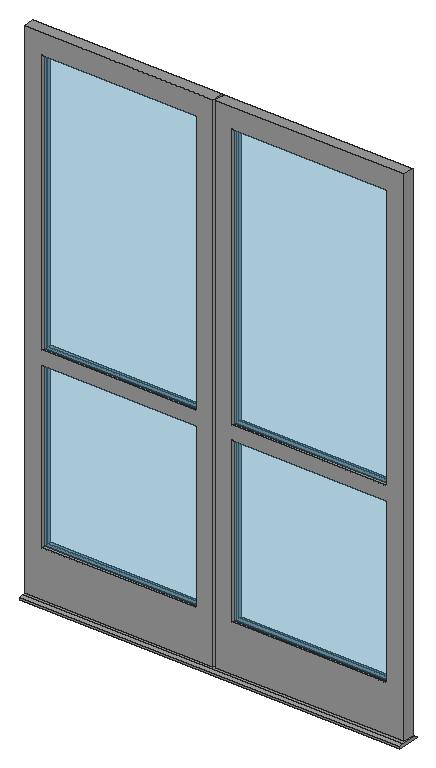
Revit family "RD-NS-DOOR-Double-1-SF_v04", category Curtain Panels, Revit 2015
Parameters
  Width [instance] = 6' - 2"
  URL = "obe.com"
  Rough Width [instance] = 6' - 0"
  Offset [instance] = 0' - 0"
  Model = "RD-NS 1\" Infill"
  Min Panel Width [instance] = if(Rough Width > 5' 11 255/256", Rough Width, 6' 0")  # 6' - 0"
  Mid-Panel [instance] = no
  Manufacturer = "Oldcastle BuildingEnvelope®"
  Keynote = "08 11 00"
  Hinge [instance] = yes
  Height [instance] = 8' - 0"
  Pushbar Height [instance] = 3' - 5 1/4"  # constant formula
  Glass Material = Glass
  Frame Material = Aluminum
  Door Panel Height [instance] = Height + 0' 0 21/32"  # 8' - 0 21/32"
  Description = "Rugged Door-Narrow Stile 1\" Infill"
  Assembly Code = "B2030"
  Analytic Construction = "<None>"
  8 Muntin [instance] = no
  4 Muntin [instance] = no
  8 Bottom Rail [instance] = yes
  1 Muntin [instance] = if(or([4 Muntin], [8 Muntin], [Mid-Panel]), 1 = 2, 1 = 1)  # yes
Reference planes (in)
  plane 1 "Front": y = 0
  plane 2: z = 0
  plane 3 "Center (Left/Right)": x = 0
  plane 4 "Left": x = -37
  plane 5 "Right": x = 37
  plane 6 "Top": z = 96
  plane 7: x = -36
  plane 8: x = 36
Text (in)
  text "Exterior" at (-54.29358, 31.38743, 0), in view "Ref. Level"
  text "Exterior" at (480, 41.53993, 89.60405), in view "Right"
  text "Exterior" at (-240, 57.82419, 105.78864), in view "Left"
Dimensions and locks (in)
  equal spacing: plane 4 "Left", plane 3 "Center (Left/Right)", plane 5 "Right"
  "Width": plane 4 "Left" to plane 5 "Right"
  "Height": plane 6 "Top" to plane 2
  equal spacing: plane 7, plane 3 "Center (Left/Right)", plane 8
  "Min Panel Width": plane 7 to plane 8
  aligned and locked: level to plane 2
  aligned and locked: plane 3 "Center (Left/Right)" to nested 1
  aligned and locked: plane 1 "Front" to nested 1
Nested families (in)
  nested 1: "RD-NS-DOOR-Double-1-Panel_v03" at (0, -14, 0), Frame Material <- "Frame Material", Glass Material <- "Glass Material", 4 Muntin <- "4 Muntin", 8 Muntin <- "8 Muntin", Glass Top <- "Pushbar Height", Hinge <- "Hinge", 8 Bottom Rail <- "8 Bottom Rail", Width <- "Min Panel Width", Height <- "Door Panel Height", Mid-Panel <- "Mid-Panel", Offset <- "Offset", type "RD-NS-DOOR-Double-1-Panel_v03"
    with Wing Width 3' - 0", built-in parameter 1001301 6' - 0", Pushbar Height 3' - 5 1/4", Offset 0' - 0", Mid-Panel no, Hinge yes, built-in parameter 1001300 8' - 0 21/32", Glass at Muntin 0' - 1 9/16", Glass Top 3' - 5 1/4", Glass Material Glass, Frame Material Aluminum, Bottom Rail 0' - 8 29/32", 8 Muntin no, 8 Bottom Rail yes, 4 Muntin no, 10 Bottom Rail no, 1 Muntin yes
Definition of nested family "RD-NS-DOOR-Double-1-Panel_v03"
  Parameters (values of type "RD-NS-DOOR-Double-1-Panel_v03")
    Wing Width [instance] = Width / 2  # 3' - 0"
    Width [instance] = 6' - 0"
    Pushbar Height [instance] = 3' - 5 1/4"  # constant formula
    Offset [instance] = 0' - 1"
    Mid-Panel [instance] = no
    Hinge [instance] = yes
    Height [instance] = 7' - 0"
    Glass at Muntin [instance] = if([8 Muntin], 0' 8 9/16", if([4 Muntin], 0' 4 9/16", if([Mid-Panel], 0' 8 9/16", 0' 1 9/16")))  # 0' - 1 9/16"
    Glass Top [instance] = 1' - 0"
    Glass Material [instance] = none
    Frame Material [instance] = none
    Bottom Rail [instance] = if([10 Bottom Rail], 0' 10 29/32", 0' 8 29/32")  # 0' - 8 29/32"
    8 Muntin [instance] = no
    10 Bottom Rail [instance] = not([8 Bottom Rail])  # no
    4 Muntin [instance] = no
    8 Bottom Rail [instance] = yes
    1 Muntin [instance] = if(or([4 Muntin], [8 Muntin], [Mid-Panel]), 1 = 2, 1 = 1)  # yes
  Reference planes (in)
    plane 1 "00": y = 11.87759
    plane 2: z = 0
    plane 3 "Center (Left/Right)": x = 0
    plane 4: z = 84
    plane 5: x = -36
    plane 6: x = 36
    plane 7 "Center (Front/Back)": y = 14
    plane 8 "Exterior": y = 12.37759
    plane 9: z = 42
    plane 10: z = 8.90625
    plane 11: z = 42.03125
    plane 12: z = 40.46875
    plane 13: z = 79.99987
    plane 14: z = 0
    plane 15 "Offset": y = 13
    plane 16: z = 41.25
  Forms (in)
    Sweep 1, solid, material <- "Frame Material"
      path origin (0, 11.87759, 0) x (1, 0, 0) y (0, 0, 1)
        loop
          line (-35.50502, 84) -> (-0.27391, 84)
      profile origin (-17.88947, 11.87759, 84) x (0, 0, 1) y (0, -1, 0)
        loop
          line (-0.65625, -1.008) -> (-0.65625, 1.008) -> (-2.77731, 1.008) -> (-4.40625, 1.008) -> (-4.40625, 0.5) -> (-4.00013, 0.5) -> (-4.00013, -0.5) -> (-4.40625, -0.5) -> (-4.40625, -1.008) -> (-2.77731, -1.008) -> (-0.65625, -1.008)
    Sweep 2, solid, material <- "Frame Material"
      path origin (0, 11.87759, 0) x (1, 0, 0) y (0, 0, 1)
        loop
          line (-0.27391, 0) -> (-35.50502, 0)
      profile origin (-17.88947, 11.87759, 0) x (0, 0, -1) y (0, -1, 0)
        loop
          line (-4.68343, -1.008) -> (-0.6875, -1.008) -> (-0.6875, 1.008) -> (-4.68343, 1.008) -> (-9.4375, 1.008) -> (-9.4375, 0.5) -> (-8.90625, 0.5) -> (-8.90625, -0.5) -> (-9.4375, -0.5) -> (-9.4375, -1.008) -> (-4.68343, -1.008)
    Sweep 3, solid, material <- "Frame Material"
      path origin (0, 11.87759, 0) x (1, 0, 0) y (0, 0, 1)
        loop
          line (35.24042, 83.34375) -> (35.24042, 0.6875)
      profile origin (35.24042, 11.87759, 42.01563) x (0, -1, 0) y (1, 0, 0)
        loop
          line (-1.008, 0.3902) -> (-1.008, -1.45435) -> (-1.008, -2.85966) -> (-0.5, -2.85966) -> (-0.5, -2.39066) -> (0.5, -2.39066) -> (0.5, -2.85966) -> (1.008, -2.85966) -> (1.008, -1.45435) -> (1.008, 0.26463) -> (-1.008, 0.3902)
    Sweep 4, solid, material <- "Frame Material"
      path origin (0, 11.87759, 0) x (1, 0, 0) y (0, 0, 1)
        loop
          line (-35.25, 83.34375) -> (-35.25, 0.6875)
      profile origin (-35.25, 11.87759, 42.01563) x (0, -1, 0) y (1, 0, 0)
        loop
          line (-1.008, -0.38059) -> (1.008, -0.25502) -> (1.008, 1.46393) -> (1.008, 2.86924) -> (0.5, 2.86924) -> (0.5, 2.40024) -> (-0.5, 2.40024) -> (-0.5, 2.86924) -> (-1.008, 2.86924) -> (-1.008, 1.46393) -> (-1.008, -0.38059)
    Sweep 5, solid, material <- "Frame Material"
      path origin (0, 11.87759, 0) x (1, 0, 0) y (0, 0, 1)
        loop
          line (-0.27391, 42) -> (-35.50502, 42)
      profile origin (-17.88947, 11.87759, 42) x (0, 0, -1) y (0, -1, 0)
        loop
          line (-0.56238, -0.5) -> (-0.56238, -1.008) -> (1.93763, -1.008) -> (1.93763, -0.5) -> (1.53125, -0.5) -> (1.53125, 0.5) -> (1.93763, 0.5) -> (1.93763, 1.008) -> (-0.56238, 1.008) -> (-0.56238, 0.5) -> (-0.03125, 0.5) -> (-0.03125, -0.5) -> (-0.56238, -0.5)
    Sweep 6, solid, material <- "Frame Material"
      path origin (0, 11.87759, 0) x (1, 0, 0) y (0, 0, 1)
        loop
          line (0, 83.34375) -> (0, 0.6875)
      profile origin (0, 11.87759, 42.01563) x (0, -1, 0) y (1, 0, 0)
        loop
          line (-1.008, -0.27391) -> (-1.008, -2.18343) -> (-1.008, -3.31637) -> (-0.5, -3.31637) -> (-0.5, -2.84737) -> (0.5, -2.84737) -> (0.5, -3.31637) -> (1.008, -3.31637) -> (1.008, -2.18343) -> (1.008, -0.27391)
          arc (1.008, -0.27391) -> (0, -0.0625) -> (-1.008, -0.27391) r 2.50872
        loop
          arc (-1.008, 0.27391) -> (0, 0.0625) -> (1.008, 0.27391) r 2.50872
          line (1.008, 0.27391) -> (1.008, 2.18343) -> (1.008, 3.31637) -> (0.5, 3.31637) -> (0.5, 2.84737) -> (0.252, 2.84737) -> (-0.5, 2.84737) -> (-0.5, 3.31637) -> (-1.008, 3.31637) -> (-1.008, 2.18343) -> (-1.008, 0.27391)
    Sweep 7, solid, material <- "Frame Material"
      path origin (0, 11.87759, 0) x (1, 0, 0) y (0, 0, 1)
        loop
          line (0.22004, 84) -> (35.50505, 84)
      profile origin (17.86254, 11.87759, 84) x (0, 0, 1) y (0, -1, 0)
        loop
          line (-0.65625, -1.008) -> (-0.65625, 1.008) -> (-2.77731, 1.008) -> (-4.40625, 1.008) -> (-4.40625, 0.5) -> (-4.00013, 0.5) -> (-4.00013, -0.5) -> (-4.40625, -0.5) -> (-4.40625, -1.008) -> (-2.77731, -1.008) -> (-0.65625, -1.008)
    Sweep 8, solid, material <- "Frame Material"
      path origin (0, 11.87759, 0) x (1, 0, 0) y (0, 0, 1)
        loop
          line (35.50505, 42) -> (0.27391, 42)
      profile origin (17.88948, 11.87759, 42) x (0, 0, -1) y (0, -1, 0)
        loop
          line (-0.56237, -0.5) -> (-0.56237, -1.008) -> (1.93763, -1.008) -> (1.93763, -0.5) -> (1.53125, -0.5) -> (1.53125, 0.5) -> (1.93763, 0.5) -> (1.93763, 1.008) -> (-0.56237, 1.008) -> (-0.56237, 0.5) -> (-0.03125, 0.5) -> (-0.03125, -0.5) -> (-0.56237, -0.5)
    Sweep 9, solid, material <- "Frame Material"
      path origin (0, 11.87759, 0) x (1, 0, 0) y (0, 0, 1)
        loop
          line (35.50505, 0) -> (0.27391, 0)
      profile origin (17.88948, 11.87759, 0) x (0, 0, -1) y (0, -1, 0)
        loop
          line (-3.49593, -1.008) -> (-0.6875, -1.008) -> (-0.6875, 1.008) -> (-3.49593, 1.008) -> (-9.4375, 1.008) -> (-9.4375, 0.5) -> (-8.90625, 0.5) -> (-8.90625, -0.5) -> (-9.4375, -0.5) -> (-9.4375, -1.008) -> (-3.49593, -1.008)
    Extrusion 10, solid, detail levels coarse
      sketch origin (0, 0, 0) x (1, 0, 0) y (0, 1, 0)
        loop
          line (2.84737, 12.37759) -> (2.84737, 11.37759) -> (32.84976, 11.37759) -> (32.84976, 12.37759) -> (2.84737, 12.37759)
      from 40.46875 to 8.90625
    Extrusion 11, solid, material <- "Glass Material", detail levels medium+fine
      sketch origin (0, 0, 0) x (1, 0, 0) y (0, 1, 0)
        loop
          line (2.84737, 11.37759) -> (32.84976, 11.37759) -> (32.84976, 11.62559) -> (2.84737, 11.62559) -> (2.84737, 11.37759)
        loop
          line (32.84976, 12.37759) -> (2.84737, 12.37759) -> (2.84737, 12.12959) -> (32.84976, 12.12959) -> (32.84976, 12.37759)
      from 8.90625 to 40.46875
    Extrusion 12, solid, material <- "Glass Material", detail levels medium+fine
      sketch origin (0, 0, 0) x (1, 0, 0) y (0, 1, 0)
        loop
          line (2.84737, 12.37759) -> (2.84737, 12.12959) -> (32.84976, 12.12959) -> (32.84976, 12.37759) -> (2.84737, 12.37759)
        loop
          line (32.84976, 11.37759) -> (32.84976, 11.62559) -> (2.84737, 11.62559) -> (2.84737, 11.37759) -> (32.84976, 11.37759)
      from 42.03125 to 79.99987
    Extrusion 13, solid, material <- "Glass Material", detail levels coarse
      sketch origin (0, 0, 0) x (1, 0, 0) y (0, 1, 0)
        loop
          line (2.84737, 12.37759) -> (2.84737, 11.37759) -> (32.84976, 11.37759) -> (32.84976, 12.37759) -> (2.84737, 12.37759)
      from 42.03125 to 79.99987
    Extrusion 14, solid, material <- "Glass Material", detail levels medium+fine
      sketch origin (0, 0, 0) x (1, 0, 0) y (0, 1, 0)
        loop
          line (-32.84976, 11.37759) -> (-2.84737, 11.37759) -> (-2.84737, 11.62559) -> (-32.84976, 11.62559) -> (-32.84976, 11.37759)
        loop
          line (-2.84737, 12.37759) -> (-32.84976, 12.37759) -> (-32.84976, 12.12959) -> (-2.84737, 12.12959) -> (-2.84737, 12.37759)
      from 8.90625 to 40.46875
    Extrusion 15, solid, material <- "Glass Material", detail levels coarse
      sketch origin (0, 0, 0) x (1, 0, 0) y (0, 1, 0)
        loop
          line (-32.84976, 12.37759) -> (-32.84976, 11.37759) -> (-4.31233, 11.37759) -> (-2.84737, 11.37759) -> (-2.84737, 12.37759) -> (-32.84976, 12.37759)
      from 42.03125 to 79.99987
    Extrusion 16, solid, material <- "Glass Material", detail levels coarse
      sketch origin (0, 0, 0) x (1, 0, 0) y (0, 1, 0)
        loop
          line (-32.84976, 12.37759) -> (-32.84976, 11.37759) -> (-2.84737, 11.37759) -> (-2.84737, 12.37759) -> (-32.84976, 12.37759)
      from 8.90625 to 40.46875
    Extrusion 17, solid, material <- "Glass Material", detail levels medium+fine
      sketch origin (0, 0, 0) x (1, 0, 0) y (0, 1, 0)
        loop
          line (-32.84976, 12.37759) -> (-32.84976, 12.12959) -> (-2.84737, 12.12959) -> (-2.84737, 12.37759) -> (-32.84976, 12.37759)
        loop
          line (-32.84976, 11.62559) -> (-32.84976, 11.37759) -> (-2.84737, 11.37759) -> (-2.84737, 11.62559) -> (-32.84976, 11.62559)
      from 42.03125 to 79.99987
    Sweep 18, solid, material <- "Frame Material"
      path origin (0, 13, 0) x (1, 0, 0) y (0, 0, 1)
        loop
          line (35.63061, 0) -> (-35.63059, 0)
      profile origin (0.00001, 13, 0) x (0, 0, -1) y (0, -1, 0)
        loop
          line (-0.5, 2.52041) -> (-0.5, -0.16559) -> (-0.19364, -0.82259) -> (0, -0.82259) -> (0, 3.17741) -> (-0.19364, 3.17741) -> (-0.5, 2.52041)
  Cuts and joins
    joined: Sweep 1, Sweep 2, Sweep 3, Sweep 4, Sweep 5, Sweep 6, Sweep 7, Sweep 8, Sweep 9
  Lines and regions (in)
    model lines
      curve 1: line (2.84737, 12.37759, 79.99987) -> (32.84976, 12.37759, 42.02216)
      curve 2: line (32.84976, 12.37759, 42.02216) -> (2.84737, 12.37759, 8.90625)
      curve 3: line (-2.84737, 12.37759, 79.99987) -> (-32.84976, 12.37759, 42)
      curve 4: line (-32.84976, 12.37759, 42) -> (-2.84737, 12.37759, 8.90625)
  Dimensions and locks (in)
    "Height": plane 4 to level
    equal spacing: plane 5, plane 3 "Center (Left/Right)", plane 6
    "Width": plane 5 to plane 6
    "Offset": plane 15 "Offset" to plane 7 "Center (Front/Back)"
    plane 1 "00" to plane 8 "Exterior" to plane 15 "Offset" = 0' - 0 1/2" locked, 0' - 0.62241" locked
    equal spacing: level, plane 9, plane 4
    locked: plane 3 "Center (Left/Right)" to Sweep 2 sketch curve at 0.27391
    locked: Sweep 3 sketch curve to plane 4 at 0.65625
    locked: Sweep 4 sketch curve to plane 4 at 0.65625
    locked: plane 3 "Center (Left/Right)" to Sweep 1 sketch curve at 0.27391
    locked: plane 3 "Center (Left/Right)" to Sweep 5 sketch curve at 0.27391
    locked: Sweep 7 sketch curve to plane 3 "Center (Left/Right)" at 0.22004
    locked: Sweep 8 sketch curve to plane 3 "Center (Left/Right)" at 0.27391
    locked: Sweep 9 sketch curve to plane 3 "Center (Left/Right)" at 0.27391
    Sweep 6 sketch curve to plane 4 = 0' - 0 21/32"
    "Glass at Muntin": plane 11 to plane 12
    locked: plane 12 to Sweep 8 sketch curve at 0.40638  (x2)
    locked: Sweep 8 sketch curve to plane 11 at 0.53112  (x2)
    "Bottom Rail": plane 10 to plane 2
    locked: Sweep 9 sketch curve to plane 10 at 0.53125  (x2)
    locked: Sweep 2 sketch curve to plane 10 at 0.53125  (x2)
    locked: Sweep 5 sketch curve to plane 11 at 0.53113  (x2)
    locked: plane 12 to Sweep 5 sketch curve at 0.40638  (x2)
    equal spacing: plane 4, plane 9, plane 14
    locked: plane 13 to Sweep 7 sketch curve at 0.40612  (x2)
    locked: plane 4 to plane 13 at 4.00013
    Extrusion 14 sketch curve to Extrusion 14 sketch curve to plane 1 "00" to Extrusion 14 sketch curve to Extrusion 14 sketch curve = 0' - 0.248" locked, 0' - 0.252" locked, 0' - 0.252" locked, 0' - 0.248" locked
    Extrusion 16 sketch curve to plane 1 "00" to Extrusion 16 sketch curve = 0' - 0 1/2" locked, 0' - 0 1/2" locked
    Extrusion 17 sketch curve to Extrusion 17 sketch curve to plane 1 "00" to Extrusion 17 sketch curve to Extrusion 17 sketch curve = 0' - 0.248" locked, 0' - 0.252" locked, 0' - 0.252" locked, 0' - 0.248" locked
    Extrusion 15 sketch curve to plane 1 "00" to Extrusion 15 sketch curve = 0' - 0 1/2" locked, 0' - 0 1/2" locked
    Extrusion 13 sketch curve to plane 1 "00" to Extrusion 13 sketch curve = 0' - 0 1/2" locked, 0' - 0 1/2" locked
    Extrusion 12 sketch curve to Extrusion 12 sketch curve to plane 1 "00" to Extrusion 12 sketch curve to Extrusion 12 sketch curve = 0' - 0.248" locked, 0' - 0.252" locked, 0' - 0.252" locked, 0' - 0.248" locked
    Extrusion 11 sketch curve to Extrusion 11 sketch curve to plane 1 "00" to Extrusion 11 sketch curve to Extrusion 11 sketch curve = 0' - 0.248" locked, 0' - 0.252" locked, 0' - 0.252" locked, 0' - 0.248" locked
    Extrusion 10 sketch curve to plane 1 "00" to Extrusion 10 sketch curve = 0' - 0 1/2" locked, 0' - 0 1/2" locked
    locked: plane 6 to Sweep 7 sketch curve at 0.49495
    equal spacing: plane 11, plane 16, plane 12
    "Pushbar Height": plane 16 to plane 14
    locked: Sweep 18 sketch curve to plane 5 at 0.36941
    locked: plane 6 to Sweep 18 sketch curve at 0.36939
    locked: plane 14 to Sweep 3 sketch curve at 0.6875
    locked: plane 14 to Sweep 6 sketch curve at 0.6875
    locked: plane 14 to Sweep 4 sketch curve at 0.6875
    aligned and locked: plane 2 to level
    aligned and locked: Sweep 1 sketch curve to plane 4
    aligned and locked: Sweep 2 sketch curve to level
    aligned and locked: Sweep 5 sketch curve to plane 9
    aligned and locked: plane 3 "Center (Left/Right)" to Sweep 6 sketch curve
    aligned and locked: Sweep 9 sketch curve to level
    aligned and locked: Sweep 8 sketch curve to plane 9
    aligned and locked: plane 4 to Sweep 7 sketch curve
    aligned and locked: Sweep 8 sketch curve to plane 11
    aligned and locked: plane 12 to Sweep 8 sketch curve
    aligned and locked: plane 10 to cut or joined group of Sweep 1, Sweep 2, Sweep 3, Sweep 4, Sweep 5, Sweep 6, Sweep 7, Sweep 8, Sweep 9
    aligned and locked: Extrusion 14 to plane 10
    aligned and locked: plane 12 to Extrusion 14
    aligned and locked: Extrusion 15 to plane 11
    aligned and locked: plane 13 to Extrusion 15
    aligned and locked: Extrusion 17 to plane 11
    aligned and locked: plane 13 to Extrusion 17
    aligned and locked: Extrusion 16 to plane 10
    aligned and locked: plane 12 to Extrusion 16
    aligned and locked: cut or joined group of Sweep 1, Sweep 2, Sweep 3, Sweep 4, Sweep 5, Sweep 6, Sweep 7, Sweep 8, Sweep 9 to plane 12
    aligned and locked: Extrusion 12 to plane 11
    aligned and locked: plane 11 to cut or joined group of Sweep 1, Sweep 2, Sweep 3, Sweep 4, Sweep 5, Sweep 6, Sweep 7, Sweep 8, Sweep 9
    aligned and locked: cut or joined group of Sweep 1, Sweep 2, Sweep 3, Sweep 4, Sweep 5, Sweep 6, Sweep 7, Sweep 8, Sweep 9 to plane 13
    aligned and locked: plane 13 to Extrusion 12
    aligned and locked: plane 13 to Extrusion 13
    aligned and locked: Extrusion 13 to plane 11
    aligned and locked: plane 12 to Extrusion 10
    aligned and locked: plane 12 to Extrusion 11
    aligned and locked: Extrusion 11 to plane 10
    aligned and locked: Extrusion 10 to plane 10
    aligned and locked: Sweep 7 sketch curve to plane 13
    aligned and locked: cut or joined group of Sweep 1, Sweep 2, Sweep 3, Sweep 4, Sweep 5, Sweep 6, Sweep 7, Sweep 8, Sweep 9 to curve 1
    aligned and locked: plane 9 to curve 3
    aligned and locked: plane 11 to Sweep 5 sketch curve
    aligned and locked: Sweep 5 sketch curve to plane 12
    aligned and locked: plane 10 to Sweep 2 sketch curve
    aligned and locked: Sweep 9 sketch curve to plane 10
    aligned and locked: plane 10 to Extrusion 11
    aligned and locked: Extrusion 11 to plane 12
    aligned and locked: Extrusion 12 to cut or joined group of Sweep 1, Sweep 2, Sweep 3, Sweep 4, Sweep 5, Sweep 6, Sweep 7, Sweep 8, Sweep 9  (x2)
    aligned and locked: Extrusion 13 to cut or joined group of Sweep 1, Sweep 2, Sweep 3, Sweep 4, Sweep 5, Sweep 6, Sweep 7, Sweep 8, Sweep 9
    aligned and locked: cut or joined group of Sweep 1, Sweep 2, Sweep 3, Sweep 4, Sweep 5, Sweep 6, Sweep 7, Sweep 8, Sweep 9 to curve 4
    aligned and locked: curve 1 to Extrusion 13
    aligned and locked: Extrusion 15 to curve 3
    aligned and locked: curve 4 to Extrusion 14
    aligned and locked: Extrusion 10 to curve 2
    aligned and locked: Sweep 18 sketch curve to plane 14
  Automatic sketch dimensions
    plane 3 "Center (Left/Right)" to Extrusion 10 sketch curve = 0' - 2.84737"
    plane 3 "Center (Left/Right)" to Extrusion 11 sketch curve = 0' - 2.84737"
    Extrusion 11 sketch curve to Extrusion 11 sketch curve = 0' - 0"  (x2)
    plane 3 "Center (Left/Right)" to Extrusion 13 sketch curve = 0' - 2.84737"
    plane 3 "Center (Left/Right)" to Extrusion 12 sketch curve = 0' - 2.84737"
    Extrusion 12 sketch curve to Extrusion 12 sketch curve = 0' - 0"  (x2)
    Extrusion 14 sketch curve to Extrusion 14 sketch curve = 0' - 0"  (x2)
    Extrusion 14 sketch curve to plane 3 "Center (Left/Right)" = 0' - 2.84737"
    Extrusion 15 sketch curve to plane 3 "Center (Left/Right)" = 0' - 4.31233"
    Extrusion 15 sketch curve to Extrusion 15 sketch curve = 0' - 1.46495"
    Extrusion 16 sketch curve to plane 3 "Center (Left/Right)" = 0' - 2.84737"
    Extrusion 17 sketch curve to Extrusion 17 sketch curve = 0' - 0"  (x2)
    Extrusion 17 sketch curve to plane 3 "Center (Left/Right)" = 0' - 2.84737"
    plane 5 to Sweep 1 sketch curve = 0' - 0.49498"
    plane 5 to Sweep 2 sketch curve = 0' - 0.49498"
    Sweep 3 sketch curve to plane 6 = 0' - 0.75958"
    plane 5 to Sweep 4 sketch curve = 0' - 0 3/4"
    plane 5 to Sweep 5 sketch curve = 0' - 0.49498"
    Sweep 8 sketch curve to plane 6 = 0' - 0.49495"
    Sweep 9 sketch curve to plane 6 = 0' - 0.49495"
    Extrusion 10 sketch curve to plane 6 = 0' - 3.15024"
    Extrusion 11 sketch curve to plane 6 = 0' - 3.15024"
    Extrusion 12 sketch curve to plane 6 = 0' - 3.15024"
    Extrusion 13 sketch curve to plane 6 = 0' - 3.15024"
    plane 5 to Extrusion 14 sketch curve = 0' - 3.15024"
    plane 5 to Extrusion 15 sketch curve = 0' - 3.15024"
    plane 5 to Extrusion 16 sketch curve = 0' - 3.15024"
    plane 5 to Extrusion 17 sketch curve = 0' - 3.15024"
    plane 1 "00" to Sweep 6 sketch curve = 0' - 0"  (x2)
    Sweep 6 sketch curve to plane 1 "00" = 0' - 0 1/2"  (x2)
    Sweep 6 sketch curve to Sweep 6 sketch curve = 0' - 0.508"  (x3)
    Sweep 6 sketch curve to profile plane = 0' - 0.27391"
    Sweep 6 sketch curve to Sweep 6 sketch curve = 0' - 0"
    plane 1 "00" to Sweep 6 sketch curve = 0' - 0.252"
    plane 1 "00" to Sweep 6 sketch curve = 0' - 0 1/2"
    Sweep 6 sketch curve to Sweep 6 sketch curve = 0' - 0.248"
    profile plane to Sweep 6 sketch curve = 0' - 0.27391"
    Sweep 6 sketch curve to Sweep 6 sketch curve = 0' - 1.90952"  (x4)
    Sweep 6 sketch curve to Sweep 6 sketch curve = 0' - 0.38779"  (x2)
    Sweep 6 sketch curve to Sweep 6 sketch curve = 0' - 0.27615"  (x2)
    Sweep 6 sketch curve to Sweep 6 sketch curve = 0' - 0.469"  (x4)
    Sweep 3 sketch curve to plane 1 "00" = 0' - 1.008"
    Sweep 3 sketch curve to plane 1 "00" = 0' - 0 1/2"
    plane 1 "00" to Sweep 3 sketch curve = 0' - 0 1/2"
    Sweep 3 sketch curve to profile plane = 0' - 0.26463"
    plane 1 "00" to Sweep 3 sketch curve = 0' - 1.008"
    profile plane to Sweep 3 sketch curve = 0' - 1.45435"  (x2)
    Sweep 3 sketch curve to Sweep 3 sketch curve = 0' - 0.93631"
    Sweep 3 sketch curve to Sweep 3 sketch curve = 0' - 0.469"  (x2)
    Sweep 3 sketch curve to profile plane = 0' - 0.3902"
    Sweep 4 sketch curve to plane 1 "00" = 0' - 1.008"
    Sweep 4 sketch curve to plane 1 "00" = 0' - 0 1/2"
    plane 1 "00" to Sweep 4 sketch curve = 0' - 0 1/2"
    Sweep 4 sketch curve to Sweep 4 sketch curve = 0' - 0.508"
    profile plane to Sweep 4 sketch curve = 0' - 0.38059"
    profile plane to Sweep 4 sketch curve = 0' - 0.25502"
    Sweep 4 sketch curve to profile plane = 0' - 1.46393"  (x2)
    Sweep 4 sketch curve to Sweep 4 sketch curve = 0' - 0.93631"
    Sweep 4 sketch curve to Sweep 4 sketch curve = 0' - 0.469"  (x2)
    Sweep 1 sketch curve to plane 1 "00" = 0' - 0 1/2"
    profile plane to Sweep 1 sketch curve = 0' - 4 13/32"
    Sweep 1 sketch curve to Sweep 1 sketch curve = 0' - 0"
    Sweep 1 sketch curve to Sweep 1 sketch curve = 0' - 0.40612"
    Sweep 1 sketch curve to Sweep 1 sketch curve = 0' - 1.22282"  (x2)
    profile plane to Sweep 1 sketch curve = 0' - 0 21/32"
    Sweep 1 sketch curve to plane 1 "00" = 0' - 1.008"
    plane 1 "00" to Sweep 1 sketch curve = 0' - 0 1/2"
    plane 1 "00" to Sweep 1 sketch curve = 0' - 1.008"
    Sweep 5 sketch curve to plane 1 "00" = 0' - 1.008"
    Sweep 5 sketch curve to plane 1 "00" = 0' - 0 1/2"  (x2)
    plane 1 "00" to Sweep 5 sketch curve = 0' - 0 1/2"  (x2)
    Sweep 5 sketch curve to Sweep 5 sketch curve = 0' - 0.508"
    Sweep 2 sketch curve to plane 1 "00" = 0' - 1.008"
    Sweep 2 sketch curve to Sweep 2 sketch curve = 0' - 4.22282"
    Sweep 2 sketch curve to Sweep 2 sketch curve = 0' - 0"
    profile plane to Sweep 2 sketch curve = 0' - 0 11/16"
    Sweep 2 sketch curve to plane 1 "00" = 0' - 0 1/2"
    plane 1 "00" to Sweep 2 sketch curve = 0' - 0 1/2"
    plane 1 "00" to Sweep 2 sketch curve = 0' - 1.008"
    Sweep 9 sketch curve to plane 1 "00" = 0' - 1.008"
    profile plane to Sweep 9 sketch curve = 0' - 3.49593"
    Sweep 9 sketch curve to Sweep 9 sketch curve = 0' - 0"
    profile plane to Sweep 9 sketch curve = 0' - 0 11/16"
    Sweep 9 sketch curve to plane 1 "00" = 0' - 0 1/2"
    plane 1 "00" to Sweep 9 sketch curve = 0' - 0 1/2"
    plane 1 "00" to Sweep 9 sketch curve = 0' - 1.008"
    Sweep 8 sketch curve to plane 1 "00" = 0' - 1.008"
    Sweep 8 sketch curve to plane 1 "00" = 0' - 0 1/2"  (x2)
    plane 1 "00" to Sweep 8 sketch curve = 0' - 0 1/2"  (x2)
    Sweep 8 sketch curve to Sweep 8 sketch curve = 0' - 0.508"
    Sweep 7 sketch curve to Sweep 7 sketch curve = 0' - 1.22282"  (x2)
    profile plane to Sweep 7 sketch curve = 0' - 0 21/32"
    Sweep 7 sketch curve to plane 1 "00" = 0' - 1.008"
    Sweep 7 sketch curve to plane 1 "00" = 0' - 0 1/2"
    plane 1 "00" to Sweep 7 sketch curve = 0' - 0 1/2"
    plane 1 "00" to Sweep 7 sketch curve = 0' - 1.008"
    curve 2 to plane 10 = 0' - 0"
    curve 4 to plane 10 = 0' - 0"
    curve 3 to plane 13 = 0' - 0"
    curve 1 to plane 13 = 0' - 0"
    plane 9 to curve 2 = 0' - 0.02216"
    profile plane to Sweep 18 sketch curve = 0' - 0.19364"  (x2)
    profile plane to Sweep 18 sketch curve = 0' - 0"
    Sweep 18 sketch curve to Sweep 18 sketch curve = 0' - 0.657"
    Sweep 18 sketch curve to Sweep 18 sketch curve = 0' - 2.686"
    Sweep 18 sketch curve to plane 15 "Offset" = 0' - 0.82259"
    Sweep 18 sketch curve to plane 15 "Offset" = 0' - 0.16559"
    profile plane to Sweep 18 sketch curve = 0' - 0 1/2"
